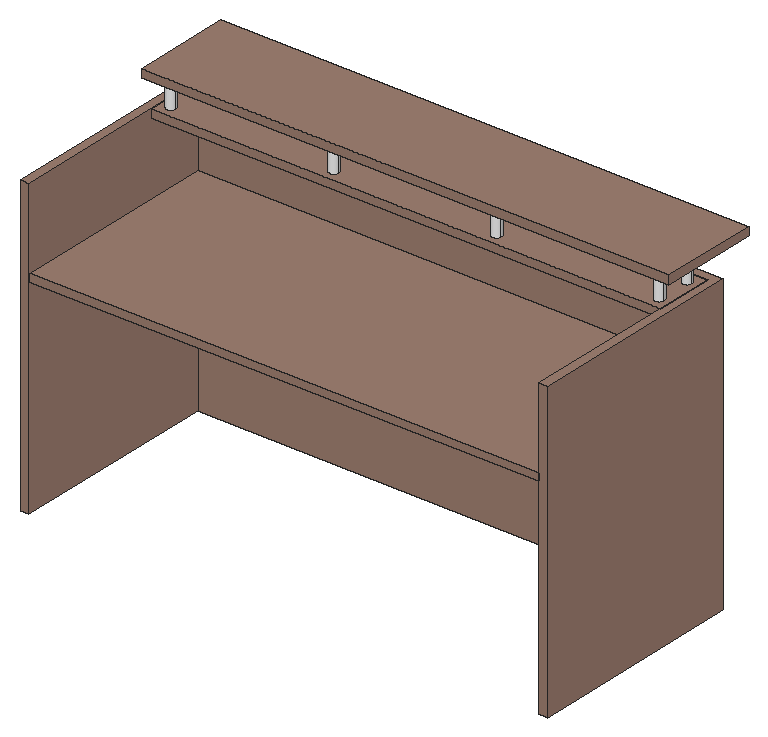
Revit family "T100117", category Furniture, Revit 2018
Family settings
  OmniClass Number = 23.40.20.00
  OmniClass Title = General Furniture and Specialties
  Work Plane-Based = No
  Always vertical = Yes
  Cut with Voids When Loaded = No
  Shared = No
  Room Calculation Point = No
Reference planes (in)
  plane 1 "Center Front/Back": y = 0
  plane 2: z = 0
  plane 3 "Center Left/Right": x = 0
Dimensions and locks (in)
  aligned and locked: level to plane 2
Nested families (in)
  nested 1: "OFS ELEMENT DESK SHELL 72in" at (0, -4, 0), type "ELEMENT DESK SHELL 72in"
    with Desk Overlay Option yes
Definition of nested family "OFS ELEMENT DESK SHELL 72in"
  Parameters (values of type "ELEMENT DESK SHELL 72in")
    Worksurface Material = none
    Width = 6' - 0"
    URL = "http://www.ofsbrands.com/"
    Transaction Shelf Material = none
    Table Supp from Lateral = 0' - 2 5/8"
    Table Supp from Center = 0' - 11 1/8"
    Table Depth = 1' - 1 1/2"
    Model = "EL-T72S"
    Manufacturer = "OFS"
    Lateral Board Thickness = 0' - 1 3/16"
    Height = 3' - 9"
    Standoffs Material = none
    Desk Overlay Thickness = 0' - 0 1/8"
    Desk Overlay Option [instance] = yes
    Desk Overlay Material = none
    Desk Overlay = 0' - 6 1/2"
    Description = "OFS BRANDS OFS ELEMENT DESK SHELL 72\" Width, 69.625\"W x 28.8125\"D Worksurface"
    Depth = 2' - 10 5/16"
    Copyright © = "© 2018 OFS BRANDS"
    Catalog = "http://ofs.com/products/casegoods/reception/element"
    Bottom Board Offset = 0' - 0"
    Chassis Material = none
    Base Depth = 2' - 6"
    Back Board Thickness = 0' - 1 3/16"
    Authoring Version = "Autodesk Revit Architecture 2013"
    Assembly Code = "E2020200"
  Reference planes (in)
    plane 1 "Center Front/Back": y = 0
    plane 2: z = 0
    plane 3 "Center Left/Right": x = 0
    plane 4 "Back External": y = 17.15625
    plane 5 "Right External": x = 36
    plane 6 "Front External": y = -17.15625
    plane 7 "Left External": x = -36
    plane 8 "Seat Height": z = 29.5
    plane 9 "Height": z = 45
    plane 10: x = 34.8125
    plane 11: x = -34.8125
    plane 12: y = 12.84375
    plane 13: y = 11.65625
    plane 14: y = 3.65625
    plane 15: z = 40.5
    plane 16: z = 28.5
    plane 17: z = 43.875
    plane 18: z = 39.375
    plane 19: z = 0
    plane 20: x = -33.375
    plane 21: x = -11.125
    plane 22: x = 33.375
    plane 23: x = 11.125
    plane 24: x = 29.5
    plane 25: x = -29.5
    plane 26: z = 6.5
    plane 27: z = 34
    plane 28: y = 12.96875
  Forms (in)
    Extrusion 1, solid, material <- "Worksurface Material"
      sketch origin (0, 0, 0) x (1, 0, 0) y (0, 1, 0)
        loop
          line (-34.8125, 11.65625) -> (-34.8125, -17.15625) -> (34.8125, -17.15625) -> (34.8125, 11.65625) -> (-34.8125, 11.65625)
      from 28.5 to 29.5
    Extrusion 2, solid, material <- "Chassis Material"
      sketch origin (0, 0, 0) x (1, 0, 0) y (0, 1, 0)
        loop
          line (-36, -17.15625) -> (-34.8125, -17.15625) -> (-34.8125, 11.65625) -> (34.8125, 11.65625) -> (34.8125, -17.15625) -> (36, -17.15625) -> (36, 12.84375) -> (-36, 12.84375) -> (-36, -17.15625)
      from 0 to 40.5
    Extrusion 3, solid, material <- "Chassis Material"
      sketch origin (0, 0, 6) x (1, 0, 0) y (0, 1, 0)
        loop
          line (-34.8125, 11.65625) -> (-34.8125, 3.65625) -> (34.8125, 3.65625) -> (34.8125, 11.65625) -> (-34.8125, 11.65625)
      from 33.375 to 34.5
    Extrusion 4, solid, material <- "Transaction Shelf Material"
      sketch origin (0, 0, 6) x (1, 0, 0) y (0, 1, 0)
        loop
          line (-36, 17.15625) -> (-36, 3.65625) -> (36, 3.65625) -> (36, 17.15625) -> (-36, 17.15625)
      from 37.875 to 39
    Extrusion 5, solid, material <- "Standoffs Material"
      sketch origin (0, 0, 0) x (1, 0, 0) y (0, 1, 0)
        loop
          circle (-33.375, 10.04085) r 0.625
      from 40.5 to 43.875
    Extrusion 6, solid, material <- "Standoffs Material"
      sketch origin (0, -4.75, 0) x (1, 0, 0) y (0, 1, 0)
        loop
          circle (-33.375, 10.04085) r 0.625
      from 40.5 to 43.875
    Extrusion 7, solid, material <- "Standoffs Material"
      sketch origin (22.25, 0, 0) x (1, 0, 0) y (0, 1, 0)
        loop
          circle (-33.375, 10.04085) r 0.625
      from 40.5 to 43.875
    Extrusion 8, solid, material <- "Standoffs Material"
      sketch origin (22.25, -4.75, 0) x (1, 0, 0) y (0, 1, 0)
        loop
          circle (-33.375, 10.04085) r 0.625
      from 40.5 to 43.875
    Extrusion 9, solid, material <- "Standoffs Material"
      sketch origin (44.5, 0, 0) x (1, 0, 0) y (0, 1, 0)
        loop
          circle (-33.375, 10.04085) r 0.625
      from 40.5 to 43.875
    Extrusion 10, solid, material <- "Standoffs Material"
      sketch origin (44.5, -4.75, 0) x (1, 0, 0) y (0, 1, 0)
        loop
          circle (-33.375, 10.04085) r 0.625
      from 40.5 to 43.875
    Extrusion 11, solid, material <- "Standoffs Material"
      sketch origin (66.75, 0, 0) x (1, 0, 0) y (0, 1, 0)
        loop
          circle (-33.375, 10.04085) r 0.625
      from 40.5 to 43.875
    Extrusion 12, solid, material <- "Standoffs Material"
      sketch origin (66.75, -4.75, 0) x (1, 0, 0) y (0, 1, 0)
        loop
          circle (-33.375, 10.04085) r 0.625
      from 40.5 to 43.875
    Extrusion 13, solid, material <- "Desk Overlay Material", visible <- "Desk Overlay Option"
      sketch origin (0, 0, 0) x (1, 0, 0) y (0, 0, 1)
        loop
          line (29.5, 34) -> (-29.5, 34) -> (-29.5, 6.5) -> (29.5, 6.5) -> (29.5, 34)
      from -12.96875 to -12.84375
  Dimensions and locks (in)
    equal spacing: plane 7 "Left External", plane 3 "Center Left/Right", plane 5 "Right External"
    "Width": plane 7 "Left External" to plane 5 "Right External"
    equal spacing: plane 6 "Front External", plane 1 "Center Front/Back", plane 4 "Back External"
    "Depth": plane 4 "Back External" to plane 6 "Front External"
    plane 8 "Seat Height" to level = 2' - 5 1/2"
    "Height": plane 9 "Height" to level
    "Lateral Board Thickness": plane 7 "Left External" to plane 11
    "Lateral Board Thickness": plane 10 to plane 5 "Right External"
    "Base Depth": plane 12 to plane 6 "Front External"
    "Back Board Thickness": plane 12 to plane 13
    "Table Depth": plane 4 "Back External" to plane 14
    plane 15 to level = 3' - 4 1/2"
    "Bottom Board Offset": plane 19 to level
    "Table Supp from Lateral": plane 7 "Left External" to plane 20
    "Table Supp from Center": plane 21 to plane 3 "Center Left/Right"
    "Table Supp from Lateral": plane 5 "Right External" to plane 22
    "Table Supp from Center": plane 23 to plane 3 "Center Left/Right"
    "Desk Overlay": plane 5 "Right External" to plane 24
    "Desk Overlay": plane 25 to plane 7 "Left External"
    plane 25 to plane 24 = 4' - 11"
    "Desk Overlay": plane 27 to plane 15
    "Desk Overlay": plane 19 to plane 26
    "Desk Overlay Thickness": plane 28 to plane 12
    aligned and locked: level to plane 2
    aligned and locked: Extrusion 1 sketch curve to plane 13
    aligned and locked: Extrusion 1 sketch curve to plane 11
    aligned and locked: plane 6 "Front External" to Extrusion 1 sketch curve
    aligned and locked: Extrusion 1 sketch curve to plane 10
    aligned and locked: plane 7 "Left External" to Extrusion 2 sketch curve
    aligned and locked: Extrusion 2 sketch curve to Extrusion 1  (x3)
    aligned and locked: plane 12 to Extrusion 2 sketch curve
    aligned and locked: plane 5 "Right External" to Extrusion 2 sketch curve
    aligned and locked: Extrusion 1 to Extrusion 2 sketch curve
    aligned and locked: Extrusion 2 sketch curve to plane 13
    aligned and locked: Extrusion 2 to plane 19
    aligned and locked: Extrusion 1 to plane 16
    aligned and locked: plane 8 "Seat Height" to Extrusion 1
    aligned and locked: Extrusion 3 to plane 18
    aligned and locked: plane 11 to Extrusion 3
    aligned and locked: plane 10 to Extrusion 3
    aligned and locked: plane 13 to Extrusion 3
    aligned and locked: Extrusion 3 to plane 14
    aligned and locked: Extrusion 4 to plane 14
    aligned and locked: plane 4 "Back External" to Extrusion 4
    aligned and locked: plane 9 "Height" to Extrusion 4
    aligned and locked: Extrusion 4 to plane 17
    aligned and locked: plane 5 "Right External" to Extrusion 4
    aligned and locked: Extrusion 4 to plane 7 "Left External"
    aligned and locked: Extrusion 13 sketch curve to plane 27
    aligned and locked: Extrusion 13 sketch curve to plane 24
    aligned and locked: Extrusion 13 sketch curve to plane 26
    aligned and locked: Extrusion 13 sketch curve to plane 25
    aligned and locked: Extrusion 13 to plane 12
    aligned and locked: Extrusion 13 to plane 28
  Automatic sketch dimensions
    Extrusion 3 sketch curve to plane 11 = 0' - 0"
    Extrusion 3 sketch curve to plane 10 = 0' - 0"
    Extrusion 3 sketch curve to plane 14 = 0' - 0"
    Extrusion 3 sketch curve to plane 13 = 0' - 0"
    Extrusion 4 sketch curve to plane 7 "Left External" = 0' - 0"
    Extrusion 4 sketch curve to plane 5 "Right External" = 0' - 0"
    Extrusion 4 sketch curve to plane 14 = 0' - 0"
    Extrusion 4 sketch curve to plane 4 "Back External" = 0' - 0"
    Extrusion 5 sketch curve to plane 20 = 0' - 0"
    Extrusion 5 sketch curve to plane 13 = 0' - 1.6154"
    Extrusion 6 sketch curve to plane 20 = 0' - 0"
    plane 14 to Extrusion 6 sketch curve = 0' - 1.6346"
    Extrusion 7 sketch curve to plane 21 = 0' - 0"
    Extrusion 7 sketch curve to plane 13 = 0' - 1.6154"
    Extrusion 8 sketch curve to plane 21 = 0' - 0"
    plane 14 to Extrusion 8 sketch curve = 0' - 1.6346"
    Extrusion 9 sketch curve to plane 23 = 0' - 0"
    Extrusion 9 sketch curve to plane 13 = 0' - 1.6154"
    Extrusion 10 sketch curve to plane 23 = 0' - 0"
    plane 14 to Extrusion 10 sketch curve = 0' - 1.6346"
    Extrusion 11 sketch curve to plane 22 = 0' - 0"
    Extrusion 11 sketch curve to plane 13 = 0' - 1.6154"
    Extrusion 12 sketch curve to plane 22 = 0' - 0"
    plane 14 to Extrusion 12 sketch curve = 0' - 1.6346"
    radius of Extrusion 5 sketch curve = 0' - 0 5/8"
    radius of Extrusion 6 sketch curve = 0' - 0 5/8"
    radius of Extrusion 7 sketch curve = 0' - 0 5/8"
    radius of Extrusion 8 sketch curve = 0' - 0 5/8"
    radius of Extrusion 9 sketch curve = 0' - 0 5/8"
    radius of Extrusion 10 sketch curve = 0' - 0 5/8"
    radius of Extrusion 11 sketch curve = 0' - 0 5/8"
    radius of Extrusion 12 sketch curve = 0' - 0 5/8"
